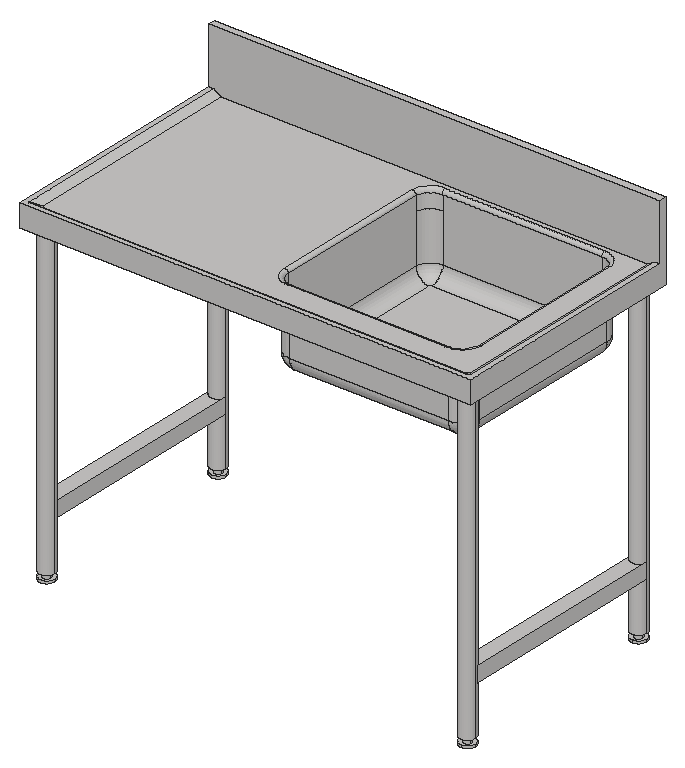
Revit family
Parameters (values of type "1200 X 650 Bowl Right End")
  Waste Connection Diameter = 40 mm
  Width Of Bowl = 505 mm
  Waste Connection Radius = Waste Connection Diameter / 2  # 20 mm
  WFU = 0
  URL = "http://www.autospec.co.za/browse.php?id=1644179283"
  Product Code = "None"
  OmniClass Title = ""
  OmniClass Number = ""
  Modspec Classification = ""
  Specification = ""
  Material = Stainless Steel Grade 304
  Location (revit room) = ""
  Length Of Bowl = 505 mm
  Bowl Posiition [instance] = if(Bowl Position End, Distance Of Bowl, if(Bowl Position Center, Length / 2, Distance Of Bowl))  # 330 mm
  Description = ""
  Depth Of Bowl = 230 mm
  Colour = none
  Bowl Position End [instance] = yes
  Bowl Position Center [instance] = not(Bowl Position End)  # no
  Body Finish = none
  Distance Of Bowl = 330 mm
  Splashback Height = 150 mm
  Width = 650 mm
  Model = "Catering Sink Single Bowl Right End Series KS1-1200 X 650"
  Manufacturer = "Kwikot"  # constant formula
  Length = 1200 mm
  Height = 1050 mm
  Assembly Code = "E1090300"
Reference planes
  plane 1 "Center (Front/Back)": y = 0
  plane 2 "Bottom": z = 0
  plane 3 "Center (Left/Right)": x = 0
  plane 4 "Left": x = -600
  plane 5 "Right": x = 600
  plane 6 "Front": y = -650
  plane 7 "Top": z = 1050
  plane 8: z = 900
  plane 9: z = 840
  plane 10: z = 670
  plane 11: y = -295
  plane 12: x = 270
  plane 13: x = 505
  plane 14: x = 0
  plane 15: y = -42.5
  plane 16: y = -547.5
Forms (mm)
  Extrusion 1, solid, material "Stainless Steel Grade 304" <- "Material"
    sketch origin (-600, -491, 4000) x (0, -1, 0) y (0, 0, 1)
      loop
        line (-491, -3160) -> (159, -3160) -> (159, -3100) -> (-471, -3100) -> (-471, -2950) -> (-491, -2950) -> (-491, -3160)
    from 0 to -1200
  Blend 2, void
    base sketch origin (-779.234, -1524, 900) x (0, -1, 0) y (1, 0, 0)
      loop
        arc (-891, 191.234) -> (-887.464, 192.698) -> (-886, 196.234) r 5
        line (-886, 196.234) -> (-886, 1362.234)
        arc (-886, 1362.234) -> (-887.464, 1365.769) -> (-891, 1367.234) r 5
        line (-891, 1367.234) -> (-1504, 1367.234) -> (-1504, 191.234) -> (-891, 191.234)
    top sketch origin (-779.234, -1524, 900) x (0, -1, 0) y (1, 0, 0)
      loop
        line (-1504, 211.234) -> (-911, 211.234)
        arc (-911, 211.234) -> (-907.464, 212.698) -> (-906, 216.234) r 5
        line (-906, 216.234) -> (-906, 1342.234)
        arc (-906, 1342.234) -> (-907.464, 1345.769) -> (-911, 1347.234) r 5
        line (-911, 1347.234) -> (-1504, 1347.234) -> (-1504, 211.234)
    from 0 to -12
  Extrusion 3, void
    sketch origin (-779.234, -1524, 840) x (0, -1, 0) y (-1, 0, 0)
      loop
        line (-1481.5, -819.234) -> (-1481.5, -1244.234)
        arc (-1481.5, -1244.234) -> (-1469.784, -1272.518) -> (-1441.5, -1284.234) r 40
        line (-1441.5, -1284.234) -> (-1016.5, -1284.234)
        arc (-1016.5, -1284.234) -> (-988.216, -1272.518) -> (-976.5, -1244.234) r 40
        line (-976.5, -1244.234) -> (-976.5, -819.234)
        arc (-976.5, -819.234) -> (-988.216, -790.949) -> (-1016.5, -779.234) r 40
        line (-1016.5, -779.234) -> (-1441.5, -779.234)
        arc (-1441.5, -779.234) -> (-1469.784, -790.949) -> (-1481.5, -819.234) r 40
    from 0 to -60
  Sweep 4, solid, material "Stainless Steel Grade 304" <- "Material"
    path origin (-779.234, -1524, 900) x (-1, 0, 0) y (0, -1, 0)
      loop
        line (-779.234, -1441.5) -> (-779.234, -1016.5)
        arc (-779.234, -1016.5) -> (-790.949, -988.216) -> (-819.234, -976.5) r 40
        line (-819.234, -976.5) -> (-1244.234, -976.5)
        arc (-1244.234, -976.5) -> (-1272.518, -988.216) -> (-1284.234, -1016.5) r 40
        line (-1284.234, -1016.5) -> (-1284.234, -1441.5)
        arc (-1284.234, -1441.5) -> (-1272.518, -1469.784) -> (-1244.234, -1481.5) r 40
        line (-1244.234, -1481.5) -> (-819.234, -1481.5)
        arc (-819.234, -1481.5) -> (-790.949, -1469.784) -> (-779.234, -1441.5) r 40
    profile origin (0, -295, 900) x (1, 0, 0) y (0, 0, 1)
      loop
        line (0, -12) -> (-5, -12) -> (-5, -190)
        arc (-5, -190) -> (6.716, -218.284) -> (35, -230) r 40
        line (35, -230) -> (35, -225)
        arc (35, -225) -> (10.251, -214.749) -> (0, -190) r 35
        line (0, -190) -> (0, -12)
  Blend 5, solid, material "Stainless Steel Grade 304" <- "Material"
    base sketch origin (-779.234, -1524, 670) x (-1, 0, 0) y (0, -1, 0)
      loop
        circle (-1049.234, -1229) r 26
    top sketch origin (-779.234, -1524, 670) x (-1, 0, 0) y (0, -1, 0)
      loop
        circle (-1049.234, -1229) r 20
    from 0 to -5
  Extrusion 6, solid, material "Stainless Steel Grade 304" <- "Material"
    sketch origin (-779.234, -1524, 670) x (-1, 0, 0) y (0, -1, 0)
      loop
        arc (-814.234, -1016.5) -> (-815.698, -1012.964) -> (-819.234, -1011.5) r 5
        line (-819.234, -1011.5) -> (-1244.234, -1011.5)
        arc (-1244.234, -1011.5) -> (-1247.769, -1012.964) -> (-1249.234, -1016.5) r 5
        line (-1249.234, -1016.5) -> (-1249.234, -1441.5)
        arc (-1249.234, -1441.5) -> (-1247.769, -1445.036) -> (-1244.234, -1446.5) r 5
        line (-1244.234, -1446.5) -> (-819.234, -1446.5)
        arc (-819.234, -1446.5) -> (-815.698, -1445.036) -> (-814.234, -1441.5) r 5
        line (-814.234, -1441.5) -> (-814.234, -1016.5)
      loop
        circle (-1049.234, -1229) r 26
    from 0 to 5
  Sweep 7, void
    path origin (-779.234, -1524, 900) x (-1, 0, 0) y (0, -1, 0)
      loop
        line (-779.234, -1441.5) -> (-779.234, -1016.5)
        arc (-779.234, -1016.5) -> (-790.949, -988.216) -> (-819.234, -976.5) r 40
        line (-819.234, -976.5) -> (-1244.234, -976.5)
        arc (-1244.234, -976.5) -> (-1272.518, -988.216) -> (-1284.234, -1016.5) r 40
        line (-1284.234, -1016.5) -> (-1284.234, -1441.5)
        arc (-1284.234, -1441.5) -> (-1272.518, -1469.784) -> (-1244.234, -1481.5) r 40
        line (-1244.234, -1481.5) -> (-819.234, -1481.5)
        arc (-819.234, -1481.5) -> (-790.949, -1469.784) -> (-779.234, -1441.5) r 40
    profile origin (0, -295, 900) x (1, 0, 0) y (0, 0, 1)
      loop
        line (0, -12) -> (-10, -12)
        arc (-10, -12) -> (-2.929, -14.929) -> (0, -22) r 10
        line (0, -22) -> (0, -12)
  Extrusion 8, solid, material "Stainless Steel Grade 304" <- "Material"
    sketch origin (0, 0, 0) x (1, 0, 0) y (0, 1, 0)
      loop
        circle (-560, -610) r 21
      loop
        circle (560, -610) r 21
      loop
        circle (-560, -40) r 21
      loop
        circle (560, -40) r 21
    from 0 to 5
  Extrusion 9, solid, material "Stainless Steel Grade 304" <- "Material"
    sketch origin (0, 0, 0) x (1, 0, 0) y (0, 1, 0)
      loop
        circle (-560, -610) r 10
      loop
        circle (-560, -40) r 10
      loop
        circle (560, -40) r 10
      loop
        circle (560, -610) r 10
    from 5 to 20
  Extrusion 10, solid, material "Stainless Steel Grade 304" <- "Material"
    sketch origin (-779.234, -1524, 840) x (-1, 0, 0) y (0, -1, 0)
      loop
        circle (-1339.234, -914) r 21
      loop
        circle (-1339.234, -1484) r 21
      loop
        circle (-219.234, -1484) r 21
      loop
        circle (-219.234, -914) r 21
    from 0 to -820
  Extrusion 11, solid, material "Stainless Steel Grade 304"
    sketch origin (0, 0, 0) x (1, 0, 0) y (0, 1, 0)
      loop
        line (-539, -610) -> (-539, -40)
        arc (-539, -40) -> (-560, -61) -> (-581, -40) r 21
        line (-581, -40) -> (-581, -610)
        arc (-581, -610) -> (-560, -589) -> (-539, -610) r 21
      loop
        line (539, -40) -> (539, -610)
        arc (539, -610) -> (560, -589) -> (581, -610) r 21
        line (581, -610) -> (581, -40)
        arc (581, -40) -> (560, -61) -> (539, -40) r 21
    from 150 to 190
Cuts and joins
  Blend 2, Extrusion 3, Sweep 7 cuts Extrusion 1
  Sweep 7 cuts Sweep 4
  Sweep 7 cuts Extrusion 6
  joined: Extrusion 1, Sweep 4, Extrusion 6
Lines and regions (mm)
  symbolic lines
    curve 1: line (-600, 0, 750) -> (-600, -650, 750)
    curve 2: line (600, 0, 750) -> (-600, 0, 750)
    curve 3: line (600, -650, 750) -> (600, 0, 750)
    curve 4: line (-600, -650, 750) -> (600, -650, 750)
    curve 5: line (-600, -20, 750) -> (600, -20, 750)
    curve 6: line (-588, -633, 1050) -> (-588, -20, 1050)
    curve 7: arc (-583, -638, 1050) -> (-586.536, -636.536, 1050) -> (-588, -633, 1050) r 5
    curve 8: line (583, -638, 1050) -> (-583, -638, 1050)
    curve 9: line (-568, -20, 1050) -> (-568, -613, 1050)
    curve 10: arc (-568, -613, 1050) -> (-566.536, -616.536, 1050) -> (-563, -618, 1050) r 5
    curve 11: line (-563, -618, 1050) -> (563, -618, 1050)
    curve 12: arc (563, -618, 1050) -> (566.536, -616.536, 1050) -> (568, -613, 1050) r 5
    curve 13: line (568, -613, 1050) -> (568, -20, 1050)
    curve 14: arc (588, -633, 1050) -> (586.536, -636.536, 1050) -> (583, -638, 1050) r 5
    curve 15: line (588, -20, 1050) -> (588, -633, 1050)
    curve 16: line (465, -547.5, 1050) -> (40, -547.5, 1050)
    curve 17: arc (40, -547.5, 1050) -> (11.716, -535.784, 1050) -> (0, -507.5, 1050) r 40
    curve 18: line (0, -507.5, 1050) -> (0, -82.5, 1050)
    curve 19: arc (0, -82.5, 1050) -> (11.716, -54.216, 1050) -> (40, -42.5, 1050) r 40
    curve 20: line (40, -42.5, 1050) -> (465, -42.5, 1050)
    curve 21: arc (465, -42.5, 1050) -> (493.284, -54.216, 1050) -> (505, -82.5, 1050) r 40
    curve 22: line (505, -82.5, 1050) -> (505, -507.5, 1050)
    curve 23: arc (505, -507.5, 1050) -> (493.284, -535.784, 1050) -> (465, -547.5, 1050) r 40
  symbolic lines, detail levels fine
    curve 24: arc (296, -295, 1050) -> (270, -321, 1050) -> (244, -295, 1050) r 26
    curve 25: arc (244, -295, 1050) -> (270, -269, 1050) -> (296, -295, 1050) r 26
Dimensions and locks
  equal spacing: plane 4 "Left", plane 3 "Center (Left/Right)", plane 5 "Right"
  "Length": plane 4 "Left" to plane 5 "Right"
  "Width": plane 1 "Center (Front/Back)" to plane 6 "Front"
  "Height": plane 7 "Top" to level
  "Splashback Height": plane 7 "Top" to plane 8
  Blend 2 sketch curve to plane 6 "Front" = 12 mm
  plane 11 to plane 1 "Center (Front/Back)" = 295 mm
  "Bowl Posiition": plane 12 to plane 5 "Right"
  Blend 2 sketch curve to var sketch = 20 mm  (x2)
  var sketch to Blend 2 sketch curve = 20 mm
  "Depth Of Bowl": plane 8 to plane 10
  "Length Of Bowl": plane 14 to plane 13
  locked: plane 12 to plane 13 at 235
  "Width Of Bowl": plane 15 to plane 16
  plane 4 "Left" to Extrusion 8 sketch curve = 40 mm  (x2)
  Extrusion 8 sketch curve to plane 6 "Front" = 40 mm  (x2)
  Extrusion 8 sketch curve to plane 1 "Center (Front/Back)" = 40 mm  (x2)
  Extrusion 8 sketch curve to plane 5 "Right" = 40 mm  (x2)
  plane 8 to plane 9 = 60 mm
  plane 4 "Left" to Extrusion 9 sketch curve = 40 mm  (x2)
  Extrusion 9 sketch curve to plane 6 "Front" = 40 mm  (x2)
  Extrusion 9 sketch curve to plane 1 "Center (Front/Back)" = 40 mm  (x2)
  Extrusion 9 sketch curve to plane 5 "Right" = 40 mm  (x2)
  Extrusion 11 to plane 2 "Bottom" = 150 mm
  equal spacing: plane 15, plane 11, plane 16
  radius of Extrusion 3 sketch curve = 40 mm  (x4)
  radius of Extrusion 6 sketch curve = 26 mm
  "Waste Connection Radius": radius of Blend 5 sketch curve
  radius of Extrusion 8 sketch curve = 21 mm  (x4)
  radius of Extrusion 9 sketch curve = 10 mm  (x4)
  aligned and locked: level to plane 2 "Bottom"
  aligned and locked: Extrusion 1 sketch curve to plane 9
  aligned and locked: Extrusion 1 sketch curve to plane 1 "Center (Front/Back)"
  aligned and locked: plane 8 to Extrusion 1 sketch curve
  aligned and locked: Extrusion 1 sketch curve to plane 6 "Front"
  aligned and locked: plane 7 "Top" to Extrusion 1 sketch curve
  aligned and locked: plane 4 "Left" to Extrusion 1
  aligned and locked: Extrusion 1 to plane 5 "Right"
  aligned and locked: var sketch to Blend 2 sketch curve
  aligned and locked: plane 8 to Extrusion 3
  aligned and locked: Extrusion 3 to plane 9
  aligned and locked: Sweep 4 sketch curve to cut or joined group of Extrusion 1, Blend 2, Extrusion 3, Sweep 4, Extrusion 6, Sweep 7  (x6)
  aligned and locked: curve 7 to cut or joined group of Extrusion 1, Blend 2, Extrusion 3, Sweep 4, Extrusion 6, Sweep 7
  aligned and locked: curve 9 to cut or joined group of Extrusion 1, Blend 2, Extrusion 3, Sweep 4, Extrusion 6, Sweep 7
  aligned and locked: curve 10 to cut or joined group of Extrusion 1, Blend 2, Extrusion 3, Sweep 4, Extrusion 6, Sweep 7
  aligned and locked: curve 12 to cut or joined group of Extrusion 1, Blend 2, Extrusion 3, Sweep 4, Extrusion 6, Sweep 7
  aligned and locked: curve 14 to cut or joined group of Extrusion 1, Blend 2, Extrusion 3, Sweep 4, Extrusion 6, Sweep 7
  aligned and locked: curve 15 to cut or joined group of Extrusion 1, Blend 2, Extrusion 3, Sweep 4, Extrusion 6, Sweep 7
  aligned and locked: curve 17 to cut or joined group of Extrusion 1, Blend 2, Extrusion 3, Sweep 4, Extrusion 6, Sweep 7
  aligned and locked: curve 19 to cut or joined group of Extrusion 1, Blend 2, Extrusion 3, Sweep 4, Extrusion 6, Sweep 7
  aligned and locked: curve 21 to cut or joined group of Extrusion 1, Blend 2, Extrusion 3, Sweep 4, Extrusion 6, Sweep 7
  aligned and locked: curve 23 to cut or joined group of Extrusion 1, Blend 2, Extrusion 3, Sweep 4, Extrusion 6, Sweep 7
  aligned and locked: plane 11 to Blend 5 sketch curve
  aligned and locked: plane 12 to Blend 5 sketch curve
  aligned and locked: plane 10 to Blend 5
  aligned and locked: plane 10 to Sweep 4 sketch curve
  aligned and locked: Extrusion 6 sketch curve to cut or joined group of Extrusion 1, Blend 2, Extrusion 3, Sweep 4, Extrusion 6, Sweep 7  (x4)
  aligned and locked: plane 11 to Extrusion 6 sketch curve
  aligned and locked: plane 12 to Extrusion 6 sketch curve
  aligned and locked: Blend 5 sketch curve to cut or joined group of Extrusion 1, Blend 2, Extrusion 3, Sweep 4, Extrusion 6, Sweep 7  (x2)
  aligned and locked: Extrusion 3 sketch curve to plane 15
  aligned and locked: plane 14 to Extrusion 3 sketch curve
  aligned and locked: plane 13 to Extrusion 3 sketch curve
  aligned and locked: plane 16 to Extrusion 3 sketch curve
  aligned and locked: Sweep 7 sketch curve to cut or joined group of Extrusion 1, Blend 2, Extrusion 3, Sweep 4, Extrusion 6, Sweep 7  (x4)
  aligned and locked: profile plane to Sweep 7 sketch curve
  aligned and locked: cut or joined group of Extrusion 1, Blend 2, Extrusion 3, Sweep 4, Extrusion 6, Sweep 7 to Sweep 7 sketch curve
  aligned and locked: Extrusion 8 to plane 2 "Bottom"
  aligned and locked: Extrusion 9 to Extrusion 8
  aligned and locked: Extrusion 10 sketch curve to Extrusion 8  (x8)
  aligned and locked: plane 9 to Extrusion 10
  aligned and locked: Extrusion 10 to Extrusion 9
  aligned and locked: Extrusion 11 sketch curve to Extrusion 10  (x4)
Automatic sketch dimensions
  plane 6 "Front" to Blend 2 sketch curve = 17 mm
  Blend 2 sketch curve to Blend 2 sketch curve = 5 mm  (x2)
  Blend 2 sketch curve to plane 4 "Left" = 12 mm
  plane 5 "Right" to Blend 2 sketch curve = 17 mm
  Blend 2 sketch curve to plane 4 "Left" = 37 mm
  plane 1 "Center (Front/Back)" to Extrusion 1 sketch curve = 20 mm
  plane 1 "Center (Front/Back)" to Blend 2 sketch curve = 20 mm
  plane 1 "Center (Front/Back)" to curve 2 = 0 mm
  curve 2 to plane 5 "Right" = 0 mm
  curve 1 to plane 4 "Left" = 0 mm
  curve 1 to plane 6 "Front" = 0 mm
  curve 1 to curve 5 = 20 mm
  plane 1 "Center (Front/Back)" to curve 6 = 20 mm
  curve 6 to curve 9 = 0 mm
  plane 1 "Center (Front/Back)" to curve 13 = 20 mm
  plane 1 "Center (Front/Back)" to curve 15 = 20 mm
  curve 24 to curve 25 = 0 mm  (x2)
  curve 24 to plane 11 = 0 mm
  curve 25 to plane 12 = 0 mm
  curve 24 to plane 12 = 26 mm
  Sweep 4 sketch curve to Sweep 4 sketch curve = 0 mm
  profile plane to Sweep 4 sketch curve = 5 mm
  Sweep 4 sketch curve to Sweep 4 sketch curve = 35 mm
  Sweep 7 sketch curve to Sweep 7 sketch curve = 10 mm  (x2)
  Sweep 7 sketch curve to Sweep 7 sketch curve = 0 mm  (x2)
  profile plane to Sweep 7 sketch curve = 0 mm
Connectors
  piping at (270, -295, 665), driven by "Waste Connection Radius", driven by "WFU"
    settings: on Blend 5, index 1, connector radius 20 mm, flow factor 0, pipe flow 0.0 L/s, pressure drop 0.0 Pa, fitting loss kfactor 0, connector angle 0.00°, fixture units 0, flow configuration 3, flow direction 2, fitting loss method 0, system type 16, connector reference index -1, connector utility 0, adjustable connector no, is connector primary yes, fitting loss table "", connector description "Waste Connection"
